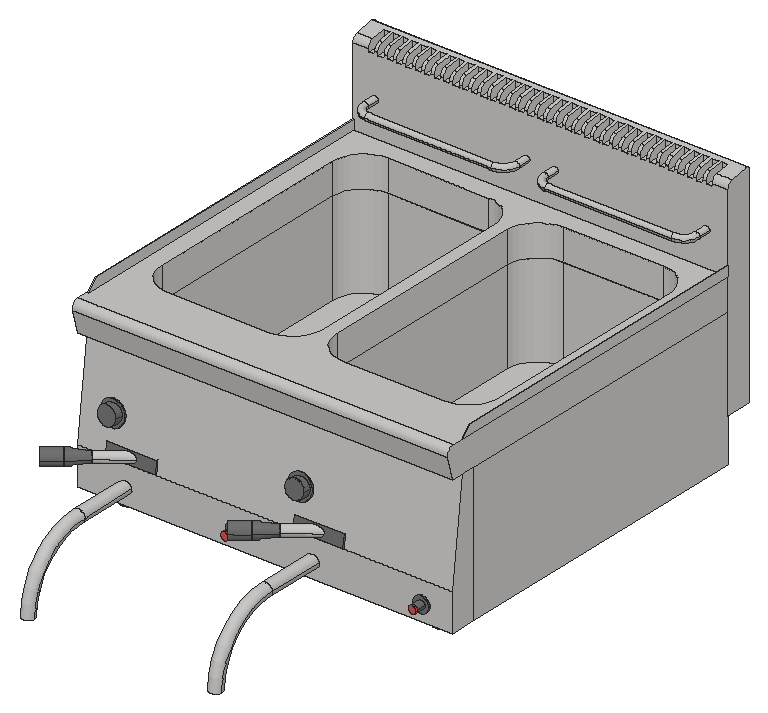
Revit family "QF_GIORIK_LFG6720", category Specialty Equipment, Revit 2014
Parameters (values of type "LFG6720")
  Weight in Pounds = 105.8218
  URL Cutsheet = "www.giorik.com"
  URL = "www.giorik.com"
  Status [instance] = ""
  Specification by User [instance] = ""
  Specification by Manufacturer = ""
  Show Logo [instance] = yes
  Show Clearance [instance] = yes
  Serial Number = ""
  Seismic Rating = ""
  SMACNA No = ""
  Revision Code [instance] = ""
  NAFEM Spec ID Number = ""
  Model = "LFG6720"
  Mechanical Remarks [instance] = "Natural Gas"
  Mechanical Connection Type [instance] = ""
  Masterspec = ""
  Manufacturer = "GIORIK"
  Item Number [instance] = ""
  Installed By [instance] = ""
  Identify Quantity as Lot [instance] = no
  Gas Size = 1"
  Gas RI Height [instance] = 0 mm
  Gas KW = 13.4
  Gas Input = 13400 W
  Gas Connection Height [instance] = 45 mm
  Furnished By [instance] = ""
  Foodservice Equipment Identifier [instance] = yes
  Description = "GAS FRYER 8+8 LT"
  CSI MasterFormat = ""
  Assembly Code = "E1090320"
Reference planes
  plane 1 "Back": y = 0
  plane 2: z = 0
  plane 3 "Left": x = 0
  plane 4 "Right": x = 600
  plane 5 "Front": y = -600
  plane 6 "Top": z = 430
Forms (mm)
  Extrusion 1, solid
    sketch origin (0, 1000, -578.42) x (0, 1, 0) y (0, 0, 1)
      loop
        line (-1040.007, 869.975) -> (-1589.445, 869.975)
        arc (-1589.445, 869.975) -> (-1598.171, 865.672) -> (-1600.069, 856.13) r 10.999
        line (-1600.069, 856.13) -> (-1590.388, 820) -> (-1040.007, 820) -> (-1040.007, 869.975)
    from 0 to 600
  Extrusion 2, solid
    sketch origin (0, 0, -558.42) x (0, 1, 0) y (0, 0, 1)
      loop
        line (-570.06, 849.975) -> (-40.007, 849.975) -> (-40.007, 864.975) -> (-555.06, 864.975) -> (-570.06, 849.975)
    from 0 to 1.85
  Extrusion 3, solid
    sketch origin (0, 0, -558.42) x (0, 1, 0) y (0, 0, 1)
      loop
        line (-40.007, 800) -> (-550, 800) -> (-550, 580) -> (-40.007, 580) -> (-40.007, 800)
    from 0 to 600
  Extrusion 4, solid
    sketch origin (0, 0, -558.42) x (0, 1, 0) y (0, 0, 1)
      loop
        line (-550, 800) -> (-570.5, 800) -> (-590, 640) -> (-590, 580) -> (-550, 580) -> (-550, 800)
    from 0 to 600
  Extrusion 5, solid
    sketch origin (598.094, 0, -558.42) x (0, 1, 0) y (0, 0, 1)
      loop
        line (-570.06, 849.975) -> (-40.007, 849.975) -> (-40.007, 864.975) -> (-555.06, 864.975) -> (-570.06, 849.975)
    from -0.15 to 1.906
  Extrusion 6, solid
    sketch origin (0, 0, -558.42) x (0, 1, 0) y (0, 0, 1)
      loop
        line (-40.007, 974.217) -> (-40.007, 650.827) -> (0, 650.827) -> (0, 988.42)
        arc (0, 988.42) -> (-0.57, 989.648) -> (-1.878, 990) r 1.6
        line (-1.878, 990) -> (-31.072, 984.852)
        arc (-31.072, 984.852) -> (-37.477, 981.162) -> (-40.007, 974.217) r 10.797
    from 0 to 600
  Extrusion 7, solid
    sketch origin (338.319, 0, -561) x (1, 0, 0) y (0, 0, 1)
      loop
        circle (-38.319, 606) r 12.5
    from 20.007 to 40.007
  Extrusion 8, void
    sketch origin (10, 0, 431.58) x (0, 1, 0) y (-1, 0, 0)
      loop
        line (-40.007, -25) -> (-9.931, -25) -> (-9.931, -15) -> (-40.007, -15) -> (-40.007, -25)
      loop
        line (-40.007, -40) -> (-9.931, -40) -> (-9.931, -30) -> (-40.007, -30) -> (-40.007, -40)
      loop
        line (-40.007, -55) -> (-9.931, -55) -> (-9.931, -45) -> (-40.007, -45) -> (-40.007, -55)
      loop
        line (-40.007, -70) -> (-9.931, -70) -> (-9.931, -60) -> (-40.007, -60) -> (-40.007, -70)
      loop
        line (-40.007, -85) -> (-9.931, -85) -> (-9.931, -75) -> (-40.007, -75) -> (-40.007, -85)
      loop
        line (-40.007, -100) -> (-9.931, -100) -> (-9.931, -90) -> (-40.007, -90) -> (-40.007, -100)
      loop
        line (-40.007, -115) -> (-9.931, -115) -> (-9.931, -105) -> (-40.007, -105) -> (-40.007, -115)
      loop
        line (-40.007, -130) -> (-9.931, -130) -> (-9.931, -120) -> (-40.007, -120) -> (-40.007, -130)
      loop
        line (-40.007, -145) -> (-9.931, -145) -> (-9.931, -135) -> (-40.007, -135) -> (-40.007, -145)
      loop
        line (-40.007, -160) -> (-9.931, -160) -> (-9.931, -150) -> (-40.007, -150) -> (-40.007, -160)
      loop
        line (-40.007, -175) -> (-9.931, -175) -> (-9.931, -165) -> (-40.007, -165) -> (-40.007, -175)
      loop
        line (-40.007, -190) -> (-9.931, -190) -> (-9.931, -180) -> (-40.007, -180) -> (-40.007, -190)
      loop
        line (-40.007, -205) -> (-9.931, -205) -> (-9.931, -195) -> (-40.007, -195) -> (-40.007, -205)
      loop
        line (-40.007, -220) -> (-9.931, -220) -> (-9.931, -210) -> (-40.007, -210) -> (-40.007, -220)
      loop
        line (-40.007, -235) -> (-9.931, -235) -> (-9.931, -225) -> (-40.007, -225) -> (-40.007, -235)
      loop
        line (-40.007, -250) -> (-9.931, -250) -> (-9.931, -240) -> (-40.007, -240) -> (-40.007, -250)
      loop
        line (-40.007, -265) -> (-9.931, -265) -> (-9.931, -255) -> (-40.007, -255) -> (-40.007, -265)
      loop
        line (-40.007, -280) -> (-9.931, -280) -> (-9.931, -270) -> (-40.007, -270) -> (-40.007, -280)
      loop
        line (-40.007, -295) -> (-9.931, -295) -> (-9.931, -285) -> (-40.007, -285) -> (-40.007, -295)
      loop
        line (-40.007, -310) -> (-9.931, -310) -> (-9.931, -300) -> (-40.007, -300) -> (-40.007, -310)
      loop
        line (-40.007, -325) -> (-9.931, -325) -> (-9.931, -315) -> (-40.007, -315) -> (-40.007, -325)
      loop
        line (-40.007, -340) -> (-9.931, -340) -> (-9.931, -330) -> (-40.007, -330) -> (-40.007, -340)
      loop
        line (-40.007, -355) -> (-9.931, -355) -> (-9.931, -345) -> (-40.007, -345) -> (-40.007, -355)
      loop
        line (-40.007, -370) -> (-9.931, -370) -> (-9.931, -360) -> (-40.007, -360) -> (-40.007, -370)
      loop
        line (-40.007, -385) -> (-9.931, -385) -> (-9.931, -375) -> (-40.007, -375) -> (-40.007, -385)
      loop
        line (-40.007, -400) -> (-9.931, -400) -> (-9.931, -390) -> (-40.007, -390) -> (-40.007, -400)
      loop
        line (-40.007, -415) -> (-9.931, -415) -> (-9.931, -405) -> (-40.007, -405) -> (-40.007, -415)
      loop
        line (-40.007, -430) -> (-9.931, -430) -> (-9.931, -420) -> (-40.007, -420) -> (-40.007, -430)
      loop
        line (-40.007, -445) -> (-9.931, -445) -> (-9.931, -435) -> (-40.007, -435) -> (-40.007, -445)
      loop
        line (-40.007, -460) -> (-9.931, -460) -> (-9.931, -450) -> (-40.007, -450) -> (-40.007, -460)
      loop
        line (-40.007, -520) -> (-9.931, -520) -> (-9.931, -510) -> (-40.007, -510) -> (-40.007, -520)
      loop
        line (-40.007, -535) -> (-9.931, -535) -> (-9.931, -525) -> (-40.007, -525) -> (-40.007, -535)
      loop
        line (-40.007, -565) -> (-9.931, -565) -> (-9.931, -555) -> (-40.007, -555) -> (-40.007, -565)
      loop
        line (-40.007, -475) -> (-9.931, -475) -> (-9.931, -465) -> (-40.007, -465) -> (-40.007, -475)
      loop
        line (-40.007, -490) -> (-9.931, -490) -> (-9.931, -480) -> (-40.007, -480) -> (-40.007, -490)
      loop
        line (-40.007, -505) -> (-9.931, -505) -> (-9.931, -495) -> (-40.007, -495) -> (-40.007, -505)
      loop
        line (-40.007, -550) -> (-9.931, -550) -> (-9.931, -540) -> (-40.007, -540) -> (-40.007, -550)
    from 0 to -20
  Extrusion 9, solid
    sketch origin (566.603, 14.286, -28.42) x (0, 1, 0) y (-1, 0, 0)
      loop
        circle (-79.293, 516.603) r 5
    from 40.385 to 50
  Revolve 10, solid
    sketch origin (50, 18.936, -600) x (0, 1, 0) y (0, 0, 1)
      loop
        line (-83.943, 611.965) -> (-94.752, 611.965) -> (-97.943, 600) -> (-83.943, 600) -> (-83.943, 611.965)
      axis (-83.943, 611.965) -> (-83.943, 600)
    angle from 0 to 360
  Extrusion 11, solid
    sketch origin (33.397, 14.286, -28.42) x (0, 1, 0) y (-1, 0, 0)
      loop
        circle (-79.293, -516.603) r 5
    from 40.385 to 50
  Revolve 12, solid
    sketch origin (550, 18.936, -600) x (0, 1, 0) y (0, 0, -1)
      loop
        line (-83.943, -611.965) -> (-83.943, -600) -> (-97.943, -600) -> (-94.752, -611.965) -> (-83.943, -611.965)
      axis (-83.943, -611.965) -> (-83.943, -600)
    angle from 0 to 360
  Extrusion 13, solid
    sketch origin (566.603, -469.707, -30) x (0, 1, 0) y (-1, 0, 0)
      loop
        circle (-79.293, 516.603) r 5
    from 41.965 to 51.58
  Revolve 14, solid
    sketch origin (50, -465.057, -600) x (0, 1, 0) y (0, 0, 1)
      loop
        line (-83.943, 611.965) -> (-94.752, 611.965) -> (-97.943, 600) -> (-83.943, 600) -> (-83.943, 611.965)
      axis (-83.943, 611.965) -> (-83.943, 600)
    angle from 0 to 360
  Extrusion 15, solid
    sketch origin (33.397, -469.707, -30) x (0, 1, 0) y (-1, 0, 0)
      loop
        circle (-79.293, -516.603) r 5
    from 41.965 to 51.58
  Revolve 16, solid
    sketch origin (550, -465.057, -600) x (0, 1, 0) y (0, 0, -1)
      loop
        line (-83.943, -611.965) -> (-83.943, -600) -> (-97.943, -600) -> (-94.752, -611.965) -> (-83.943, -611.965)
      axis (-83.943, -611.965) -> (-83.943, -600)
    angle from 0 to 360
  Extrusion 17, void
    sketch origin (0, 0, 430) x (0, 1, 0) y (-1, 0, 0)
      loop
        arc (-70, -80) -> (-84.645, -44.645) -> (-120, -30) r 50
        line (-120, -30) -> (-460, -30)
        arc (-460, -30) -> (-495.355, -44.645) -> (-510, -80) r 50
        line (-510, -80) -> (-510, -240)
        arc (-510, -240) -> (-495.355, -275.355) -> (-460, -290) r 50
        line (-460, -290) -> (-120, -290)
        arc (-120, -290) -> (-84.645, -275.355) -> (-70, -240) r 50
        line (-70, -240) -> (-70, -80)
      loop
        line (-70, -520) -> (-70, -360)
        arc (-70, -360) -> (-84.645, -324.645) -> (-120, -310) r 50
        line (-120, -310) -> (-460, -310)
        arc (-460, -310) -> (-495.355, -324.645) -> (-510, -360) r 50
        line (-510, -360) -> (-510, -520)
        arc (-510, -520) -> (-495.355, -555.355) -> (-460, -570) r 50
        line (-460, -570) -> (-120, -570)
        arc (-120, -570) -> (-84.645, -555.355) -> (-70, -520) r 50
    from -97.843 to -337.592
  Sweep 18, solid
    path origin (-40, -95.007, 346.556) x (0, 1, 0) y (-1, 0, 0)
      loop
        line (55, -75) -> (35, -75)
        arc (35, -75) -> (20.858, -80.858) -> (15, -95) r 20
        line (15, -95) -> (15, -297)
        arc (15, -297) -> (20.858, -311.142) -> (35, -317) r 20
        line (35, -317) -> (55, -317)
    profile origin (35, -50.007, 346.556) x (1, 0, 0) y (0, 0, 1)
      loop
        circle (0, 0) r 5
  Sweep 19, solid
    path origin (75, 226.022, -176.065) x (0, 1, 0) y (0, 0, 1)
      loop
        line (-814.022, 222.645) -> (-909.022, 222.645)
        arc (-909.022, 222.645) -> (-979.733, 193.356) -> (-1009.022, 122.645) r 100
    profile origin (75, -635.5, 46.58) x (0, 0, -1) y (1, 0, 0)
      loop
        circle (0, 0) r 10
  Extrusion 20, solid
    sketch origin (211.298, -565.79, -665.116) x (1, 0, 0) y (0, 0.001091, 0.999999)
      loop
        circle (38.702, 711.666) r 12.5
    from 25 to 27
  Extrusion 21, solid
    sketch origin (-514.91, -592.797, -671.509) x (1, 0, 0) y (0, 0.001091, 0.999999)
      loop
        circle (764.91, 718.089) r 6
    from 0 to 15
  Extrusion 22, solid
    sketch origin (-514.91, -593.959, -671.508) x (1, 0, 0) y (0, 0.001091, 0.999999)
      loop
        circle (764.91, 718.089) r 6
    from 13.838 to 15.838
  Blend 23, solid
    base sketch origin (588.702, -95.301, -902.739) x (0.615661, -0.788011, 0) y (0, 0, 1)
      loop
        circle (76.097, 994.319) r 8
    top sketch origin (588.702, -95.301, -902.739) x (0.615661, -0.788011, 0) y (0, 0, 1)
      loop
        circle (76.097, 994.319) r 12
    from 750.092 to 785.1
  Extrusion 24, solid
    sketch origin (579.876, -86.968, -914.17) x (0.615661, -0.788011, 0) y (0, 0, 1)
      loop
        circle (88.097, 1005.786) r 12
    from 783.275 to 813.376
  Extrusion 25, solid
    sketch origin (-430.908, -8.612, -369.564) x (-0.615661, 0.788011, 0) y (0, 0, 1)
      loop
        circle (-772.143, 461.145) r 8
    from 0 to 59.891
  Extrusion 26, solid
    sketch origin (-40, -17.89, -65.171) x (1, 0, 0) y (0, 0.12098, 0.992655)
      loop
        line (84.851, 96.58) -> (84.851, 76.58) -> (164.851, 76.58) -> (164.851, 96.58) -> (84.851, 96.58)
    from 584.669 to 586.623
  Extrusion 27, solid
    sketch origin (-61, -599.745, 1.62) x (1, 0, 0) y (0, 0.12098, 0.992655)
      loop
        circle (111, 140.949) r 20
    from 0 to 0.966
  Extrusion 28, solid
    sketch origin (-39, -599.745, 1.62) x (1, 0, 0) y (0, 0.12098, 0.992655)
      loop
        circle (89, 140.949) r 15
    from 0 to 12.233
  Extrusion 29, solid
    sketch origin (511.298, -565.79, -665.116) x (1, 0, 0) y (0, 0.001091, 0.999999)
      loop
        circle (38.702, 711.666) r 12.5
    from 25 to 27
  Extrusion 30, solid
    sketch origin (-214.91, -592.797, -671.509) x (1, 0, 0) y (0, 0.001091, 0.999999)
      loop
        circle (764.91, 718.089) r 6
    from 0 to 15
  Extrusion 31, solid
    sketch origin (-214.91, -593.959, -671.508) x (1, 0, 0) y (0, 0.001091, 0.999999)
      loop
        circle (764.91, 718.089) r 6
    from 13.838 to 15.838
  Sweep 32, solid
    path origin (248, -95.007, 346.556) x (0, 1, 0) y (-1, 0, 0)
      loop
        line (55, -75) -> (35, -75)
        arc (35, -75) -> (20.858, -80.858) -> (15, -95) r 20
        line (15, -95) -> (15, -297)
        arc (15, -297) -> (20.858, -311.142) -> (35, -317) r 20
        line (35, -317) -> (55, -317)
    profile origin (323, -50.007, 346.556) x (1, 0, 0) y (0, 0, 1)
      loop
        circle (0, 0) r 5
  Sweep 33, solid
    path origin (375, 226.022, -176.065) x (0, 1, 0) y (0, 0, 1)
      loop
        line (-814.022, 222.645) -> (-909.022, 222.645)
        arc (-909.022, 222.645) -> (-979.733, 193.356) -> (-1009.022, 122.645) r 100
    profile origin (375, -635.5, 46.58) x (0, 0, -1) y (1, 0, 0)
      loop
        circle (0, 0) r 10
  Blend 34, solid
    base sketch origin (888.702, -95.301, -902.739) x (0.615661, -0.788011, 0) y (0, 0, 1)
      loop
        circle (76.097, 994.319) r 8
    top sketch origin (888.702, -95.301, -902.739) x (0.615661, -0.788011, 0) y (0, 0, 1)
      loop
        circle (76.097, 994.319) r 12
    from 750.092 to 785.1
  Extrusion 35, solid
    sketch origin (879.876, -86.968, -914.17) x (0.615661, -0.788011, 0) y (0, 0, 1)
      loop
        circle (88.097, 1005.786) r 12
    from 783.275 to 813.376
  Extrusion 36, solid
    sketch origin (-130.908, -8.612, -369.564) x (-0.615661, 0.788011, 0) y (0, 0, 1)
      loop
        circle (-772.143, 461.145) r 8
    from 0 to 59.891
  Extrusion 37, solid
    sketch origin (260, -17.89, -65.171) x (1, 0, 0) y (0, 0.12098, 0.992655)
      loop
        line (84.851, 96.58) -> (84.851, 76.58) -> (164.851, 76.58) -> (164.851, 96.58) -> (84.851, 96.58)
    from 584.669 to 586.623
  Extrusion 38, solid
    sketch origin (239, -599.745, 1.62) x (1, 0, 0) y (0, 0.12098, 0.992655)
      loop
        circle (111, 140.949) r 20
    from 0 to 0.966
  Extrusion 39, solid
    sketch origin (261, -599.745, 1.62) x (1, 0, 0) y (0, 0.12098, 0.992655)
      loop
        circle (89, 140.949) r 15
    from 0 to 12.233
Cuts and joins
  Extrusion 8 cuts Extrusion 6
  Extrusion 17 cuts Extrusion 1
  Extrusion 17 cuts Extrusion 3
Lines and regions (mm)
  symbolic lines, style "200-EquipInternal-2D"
    curve 1: line (25, -9.931, 290) -> (25, -40.007, 290)
    curve 2: line (35, -40.007, 290) -> (35, -9.931, 290)
    curve 3: line (40, -9.931, 290) -> (40, -40.007, 290)
    curve 4: line (50, -40.007, 290) -> (50, -9.931, 290)
    curve 5: line (55, -9.931, 290) -> (55, -40.007, 290)
    curve 6: line (65, -40.007, 290) -> (65, -9.931, 290)
    curve 7: line (85, -9.931, 290) -> (85, -40.007, 290)
    curve 8: line (95, -40.007, 290) -> (95, -9.931, 290)
    curve 9: line (100, -9.931, 290) -> (100, -40.007, 290)
    curve 10: line (110, -40.007, 290) -> (110, -9.931, 290)
    curve 11: line (140, -40.007, 290) -> (140, -9.931, 290)
    curve 12: line (130, -9.931, 290) -> (130, -40.007, 290)
    curve 13: line (155, -40.007, 290) -> (155, -9.931, 290)
    curve 14: line (160, -9.931, 290) -> (160, -40.007, 290)
    curve 15: line (170, -40.007, 290) -> (170, -9.931, 290)
    curve 16: line (145, -9.931, 290) -> (145, -40.007, 290)
    curve 17: line (200, -40.007, 290) -> (200, -9.931, 290)
    curve 18: line (190, -9.931, 290) -> (190, -40.007, 290)
    curve 19: line (205, -9.931, 290) -> (205, -40.007, 290)
    curve 20: line (215, -40.007, 290) -> (215, -9.931, 290)
    curve 21: line (220, -9.931, 290) -> (220, -40.007, 290)
    curve 22: line (230, -40.007, 290) -> (230, -9.931, 290)
    curve 23: line (250, -9.931, 290) -> (250, -40.007, 290)
    curve 24: line (260, -40.007, 290) -> (260, -9.931, 290)
    curve 25: line (265, -9.931, 290) -> (265, -40.007, 290)
    curve 26: line (275, -40.007, 290) -> (275, -9.931, 290)
    curve 27: line (280, -9.931, 290) -> (280, -40.007, 290)
    curve 28: line (290, -40.007, 290) -> (290, -9.931, 290)
    curve 29: line (320, -40.007, 290) -> (320, -9.931, 290)
    curve 30: line (310, -9.931, 290) -> (310, -40.007, 290)
    curve 31: line (335, -40.007, 290) -> (335, -9.931, 290)
    curve 32: line (325, -9.931, 290) -> (325, -40.007, 290)
    curve 33: line (340, -9.931, 290) -> (340, -40.007, 290)
    curve 34: line (350, -40.007, 290) -> (350, -9.931, 290)
    curve 35: line (370, -9.931, 290) -> (370, -40.007, 290)
    curve 36: line (380, -9.931, 290) -> (370, -9.931, 290)
    curve 37: line (350, -9.931, 290) -> (340, -9.931, 290)
    curve 38: line (335, -9.931, 290) -> (325, -9.931, 290)
    curve 39: line (320, -9.931, 290) -> (310, -9.931, 290)
    curve 40: line (275, -9.931, 290) -> (265, -9.931, 290)
    curve 41: line (110, -9.931, 290) -> (100, -9.931, 290)
    curve 42: line (95, -9.931, 290) -> (85, -9.931, 290)
    curve 43: line (65, -9.931, 290) -> (55, -9.931, 290)
    curve 44: line (35, -9.931, 290) -> (25, -9.931, 290)
    curve 45: line (140, -9.931, 290) -> (130, -9.931, 290)
    curve 46: line (155, -9.931, 290) -> (145, -9.931, 290)
    curve 47: line (170, -9.931, 290) -> (160, -9.931, 290)
    curve 48: line (200, -9.931, 290) -> (190, -9.931, 290)
    curve 49: line (215, -9.931, 290) -> (205, -9.931, 290)
    curve 50: line (230, -9.931, 290) -> (220, -9.931, 290)
    curve 51: line (260, -9.931, 290) -> (250, -9.931, 290)
    curve 52: line (50, -9.931, 290) -> (40, -9.931, 290)
    curve 53: line (70, -9.931, 430) -> (70, -40.007, 430)
    curve 54: line (80, -40.007, 430) -> (80, -9.931, 430)
    curve 55: line (80, -9.931, 430) -> (70, -9.931, 430)
    curve 56: line (175, -9.931, 430) -> (175, -40.007, 430)
    curve 57: line (185, -40.007, 430) -> (185, -9.931, 430)
    curve 58: line (185, -9.931, 430) -> (175, -9.931, 430)
    curve 59: line (235, -9.931, 430) -> (235, -40.007, 430)
    curve 60: line (245, -40.007, 430) -> (245, -9.931, 430)
    curve 61: line (245, -9.931, 430) -> (235, -9.931, 430)
    curve 62: line (290, -9.931, 430) -> (280, -9.931, 430)
    curve 63: line (305, -9.931, 430) -> (295, -9.931, 430)
    curve 64: line (295, -9.931, 430) -> (295, -40.007, 430)
    curve 65: line (305, -40.007, 430) -> (305, -9.931, 430)
    curve 66: line (355, -9.931, 430) -> (355, -40.007, 430)
    curve 67: line (365, -40.007, 430) -> (365, -9.931, 430)
    curve 68: line (365, -9.931, 430) -> (355, -9.931, 430)
    curve 69: line (125, -9.931, 430) -> (115, -9.931, 430)
    curve 70: line (115, -9.931, 430) -> (115, -40.007, 430)
    curve 71: line (125, -40.007, 430) -> (125, -9.931, 430)
    curve 75: line (597.944, -570.06, 430) -> (600, -570.06, 430)
    curve 76: line (597.944, -40.007, 430) -> (597.944, -570.06, 430)
    curve 77: line (30, -460, 430) -> (30, -120, 430)
    curve 78: arc (80, -510, 430) -> (44.645, -495.355, 430) -> (30, -460, 430) r 50
    curve 79: line (0, -570.06, 430) -> (1.85, -570.06, 430)
    curve 80: line (1.85, -570.06, 430) -> (1.85, -40.007, 430)
    curve 81: line (1.85, -40.007, 430) -> (597.944, -40.007, 430)
    curve 82: arc (45.893, -83.439, 430) -> (34.145, -100.067, 430) -> (30, -120, 430) r 50
    curve 83: line (272.001, -40.007, 430) -> (272.001, -60.789, 430)
    curve 84: line (281.964, -60.401, 430) -> (281.964, -40.007, 430)
    curve 85: line (257.792, -74.999, 430) -> (54.451, -74.999, 430)
    curve 86: line (54.495, -84.999, 430) -> (257.366, -84.999, 430)
    curve 87: line (30, -40.007, 430) -> (30, -60.504, 430)
    curve 88: line (40, -60.007, 430) -> (40, -40.007, 430)
    curve 89: arc (40, -60.007, 430) -> (44.201, -70.418, 430) -> (54.451, -74.999, 430) r 15.002
    curve 90: arc (30, -60.504, 430) -> (37.174, -77.824, 430) -> (54.495, -84.999, 430) r 24.495
    curve 107: line (560.001, -40.007, 430) -> (560.001, -60.789, 430)
    curve 108: line (569.964, -60.401, 430) -> (569.964, -40.007, 430)
    curve 109: line (545.792, -74.999, 430) -> (342.992, -74.999, 430)
    curve 110: line (342.495, -84.999, 430) -> (545.366, -84.999, 430)
    curve 111: line (318, -40.007, 430) -> (318, -60.504, 430)
    curve 112: line (328, -60.007, 430) -> (328, -40.007, 430)
    curve 113: line (380, -40.007, 430) -> (380, -9.931, 430)
    curve 114: line (385, -9.931, 430) -> (385, -40.007, 430)
    curve 115: line (395, -40.007, 430) -> (395, -9.931, 430)
    curve 116: line (400, -9.931, 430) -> (400, -40.007, 430)
    curve 117: line (410, -40.007, 430) -> (410, -9.931, 430)
    curve 118: line (415, -9.931, 430) -> (415, -40.007, 430)
    curve 119: line (425, -40.007, 430) -> (425, -9.931, 430)
    curve 120: line (430, -9.931, 430) -> (430, -40.007, 430)
    curve 121: line (440, -40.007, 430) -> (440, -9.931, 430)
    curve 122: line (445, -9.931, 430) -> (445, -40.007, 430)
    curve 123: line (455, -40.007, 430) -> (455, -9.931, 430)
    curve 124: line (460, -9.931, 430) -> (460, -40.007, 430)
    curve 125: line (470, -40.007, 430) -> (470, -9.931, 430)
    curve 126: line (475, -9.931, 430) -> (475, -40.007, 430)
    curve 127: line (485, -40.007, 430) -> (485, -9.931, 430)
    curve 128: line (490, -9.931, 430) -> (490, -40.007, 430)
    curve 129: line (500, -40.007, 430) -> (500, -9.931, 430)
    curve 130: line (505, -9.931, 430) -> (505, -40.007, 430)
    curve 131: line (515, -40.007, 430) -> (515, -9.931, 430)
    curve 132: line (520, -9.931, 430) -> (520, -40.007, 430)
    curve 133: line (530, -40.007, 430) -> (530, -9.931, 430)
    curve 134: line (535, -9.931, 430) -> (535, -40.007, 430)
    curve 135: line (545, -40.007, 430) -> (545, -9.931, 430)
    curve 136: line (550, -9.931, 430) -> (550, -40.007, 430)
    curve 137: line (560, -40.007, 430) -> (560, -9.931, 430)
    curve 138: line (565, -9.931, 430) -> (565, -40.007, 430)
    curve 139: line (575, -40.007, 430) -> (575, -9.931, 430)
    curve 140: line (575, -9.931, 430) -> (565, -9.931, 430)
    curve 141: line (560, -9.931, 430) -> (550, -9.931, 430)
    curve 142: line (545, -9.931, 430) -> (535, -9.931, 430)
    curve 143: line (530, -9.931, 430) -> (520, -9.931, 430)
    curve 144: line (515, -9.931, 430) -> (505, -9.931, 430)
    curve 145: line (500, -9.931, 430) -> (490, -9.931, 430)
    curve 146: line (485, -9.931, 430) -> (475, -9.931, 430)
    curve 147: line (470, -9.931, 430) -> (460, -9.931, 430)
    curve 148: line (455, -9.931, 430) -> (445, -9.931, 430)
    curve 149: line (440, -9.931, 430) -> (430, -9.931, 430)
    curve 150: line (425, -9.931, 430) -> (415, -9.931, 430)
    curve 151: line (410, -9.931, 430) -> (400, -9.931, 430)
    curve 152: line (395, -9.931, 430) -> (385, -9.931, 430)
    curve 153: arc (560.001, -60.789, 430) -> (555.839, -70.837, 430) -> (545.792, -74.999, 430) r 14.21
    curve 154: arc (569.964, -60.401, 430) -> (562.775, -77.758, 430) -> (545.418, -84.947, 430) r 24.546
    curve 155: arc (328, -60.007, 430) -> (332.391, -70.608, 430) -> (342.992, -74.999, 430) r 14.992
    curve 156: arc (318, -60.504, 430) -> (325.174, -77.824, 430) -> (342.495, -84.999, 430) r 24.495
    curve 157: arc (281.964, -60.401, 430) -> (274.76, -77.794, 430) -> (257.366, -84.999, 430) r 24.598
    curve 158: arc (257.792, -74.999, 430) -> (267.839, -70.837, 430) -> (272.001, -60.789, 430) r 14.21
    curve 159: arc (58.208, -74.999, 430) -> (68.821, -71.266, 430) -> (80, -70, 430) r 50
    curve 171: line (360, -70, 430) -> (520, -70, 430)
    curve 172: line (310, -120, 430) -> (310, -460, 430)
    curve 173: line (290, -460, 430) -> (290, -120, 430)
    curve 174: line (570, -120, 430) -> (570, -460, 430)
    curve 175: line (520, -510, 430) -> (360, -510, 430)
    curve 176: line (240, -510, 430) -> (80, -510, 430)
    curve 177: line (240, -70, 430) -> (80, -70, 430)
    curve 178: arc (240, -510, 430) -> (275.355, -495.355, 430) -> (290, -460, 430) r 50
    curve 179: arc (310, -460, 430) -> (324.645, -495.355, 430) -> (360, -510, 430) r 50
    curve 180: arc (520, -510, 430) -> (555.355, -495.355, 430) -> (570, -460, 430) r 50
    curve 181: arc (240, -70, 430) -> (250.758, -71.171, 430) -> (261.012, -74.629, 430) r 50
    curve 182: arc (271.072, -80.827, 430) -> (285.02, -98.247, 430) -> (290, -120, 430) r 50
    curve 183: arc (328.879, -80.866, 430) -> (314.966, -98.275, 430) -> (310, -120, 430) r 50
    curve 184: arc (339.228, -74.519, 430) -> (350.59, -70.911, 430) -> (362.476, -70, 430) r 51.736
    curve 185: arc (541.792, -74.999, 430) -> (531.179, -71.266, 430) -> (520, -70, 430) r 50
    curve 186: arc (554.045, -83.381, 430) -> (565.838, -100.028, 430) -> (570, -120, 430) r 50
  symbolic lines, style "200-EquipBorder-2D"
    curve 72: line (600, 0, 430) -> (0, 0, 430)
    curve 73: line (600, -600, 430) -> (600, 0, 430)
    curve 74: line (0, 0, 430) -> (0, -600, 430)
    curve 91: line (65, -611.182, 430) -> (65, -783, 430)
    curve 92: line (85, -783, 430) -> (85, -600, 430)
    curve 93: arc (65, -783, 430) -> (75, -793, 430) -> (85, -783, 430) r 10
    curve 94: line (49.396, -623.373, 430) -> (65, -611.182, 430)
    curve 95: line (39.545, -610.765, 430) -> (53.324, -600, 430)
    curve 96: line (24.194, -648.14, 430) -> (0.552, -666.61, 430)
    curve 97: line (0.552, -666.61, 430) -> (-14.224, -647.698, 430)
    curve 98: line (-14.224, -647.698, 430) -> (9.496, -629.166, 430)
    curve 99: line (9.496, -629.166, 430) -> (39.545, -610.765, 430)
    curve 100: line (49.396, -623.373, 430) -> (24.194, -648.14, 430)
    curve 101: line (243.991, -600, 430) -> (243.991, -609.014, 430)
    curve 102: line (243.991, -609.014, 430) -> (256, -609.014, 430)
    curve 103: line (256, -609.014, 430) -> (256, -600, 430)
    curve 104: line (544, -600, 430) -> (544, -609.014, 430)
    curve 105: line (544, -609.014, 430) -> (556.034, -609.014, 430)
    curve 106: line (556.034, -609.014, 430) -> (556.034, -600, 430)
    curve 160: line (365, -611.182, 430) -> (365, -783, 430)
    curve 161: line (385, -783, 430) -> (385, -600, 430)
    curve 162: arc (365, -783, 430) -> (375, -793, 430) -> (385, -783, 430) r 10
    curve 163: line (349.396, -623.373, 430) -> (365, -611.182, 430)
    curve 164: line (339.545, -610.765, 430) -> (353.324, -600, 430)
    curve 165: line (324.194, -648.14, 430) -> (300.552, -666.61, 430)
    curve 166: line (300.552, -666.61, 430) -> (285.776, -647.698, 430)
    curve 167: line (285.776, -647.698, 430) -> (309.496, -629.166, 430)
    curve 168: line (309.496, -629.166, 430) -> (339.545, -610.765, 430)
    curve 169: line (349.396, -623.373, 430) -> (324.194, -648.14, 430)
    curve 170: line (600, -600, 430) -> (0, -600, 430)
Dimensions and locks
  plane 3 "Left" to plane 4 "Right" = 600 mm
  plane 5 "Front" to plane 1 "Back" = 600 mm
  plane 4 "Right" to plane 3 "Left" = 600 mm
  plane 1 "Back" to plane 5 "Front" = 600 mm
  plane 6 "Top" to level = 430 mm  (x2)
  aligned and locked: level to plane 2
Connectors
  piping at (300, -20.007, 45), diameter 25.4, driven by "Gas Size"
    settings: on Extrusion 7, index 1, connector inside diameter 24", connector length 0 mm, flow factor 0, pipe flow 0.0 L/s, pressure drop 0.0 Pa, fitting loss kfactor 0, connector angle 0.00°, fixture units 0, engagement length 0 mm, angle of deflection 0.00°, flow configuration 1, flow direction 1, fitting loss method 0, system type 22, joint type 0, gender type 0, connector reference index -1, connector utility 0, adjustable connector no, is connector primary yes, connector description "Gas inlet"
